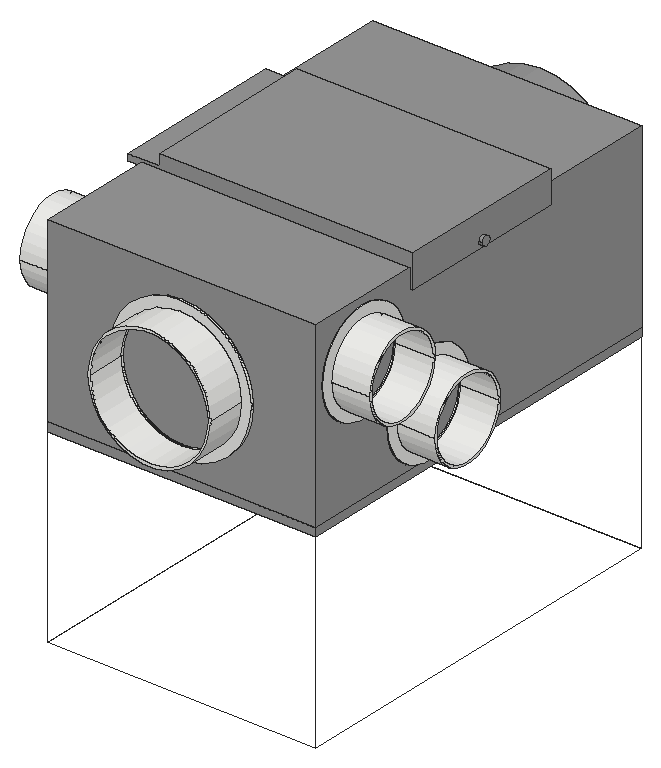
Revit family "OPUS-M", category Mechanical Equipment, Revit 2015
Parameters (values of type "OPUS100-2M")
  Width = 330 mm
  Weight = 11.00 kg
  Voltage = if(Electrical Phase = 3, 400 V, 230 V)  # 230 V
  Unit Description = "Inline Twin Extract Fan"
  Starting Current = 0.43 A
  Specific Fan Power at Design Duty [instance] = "0.0"
  Revit Family Last Revised = "30/10/18"  # constant formula
  Quote/Order Location Reference [instance] = ""
  OmniClass Title = "Centrifugal Fans"  # constant formula
  OmniClass Number = "23-33 31 19 13"  # constant formula
  Number of Connection Poles = 2
  Nuaire Quote/Order Reference [instance] = ""
  Nuaire Model Code = "OPUS100-2M"
  Nominal Motor Rating = 0.1 W
  Manufacturer Name = "Nuaire"  # constant formula
  Length = 500 mm
  Show Access Clearance [instance] = yes
  IFCExportAs = "IfcFanType"  # constant formula
  I&M Manual = "http://www.nuaire.info/iandm/nl/671218.pdf"
  Height = 233 mm
  Full Load Current = 0.39 A
  Extract Spigot 1 Airflow [instance] = 0.0 L/s
  Extract Spigot 2 Airflow [instance] = 0.0 L/s
  Extract Spigot 3 Airflow [instance] = 0.0 L/s
  Extract Spigot 4 Airflow [instance] = 0.0 L/s
  Extract Spigot 5 Airflow [instance] = 0.0 L/s
  Extract Spigot (Large) Diameter = 150 mm
  Extract Spigot (Small) Diameter = 75 mm
  Model Drawn by = "Michael Grote"  # constant formula
  Maximum Ambient Temperature = 55 °C
  Electrical Phase = 1
  Classification.Uniclass.Pr.Number = "Pr_65_67_29_89"
  Classification.Uniclass.Pr.Description = "Twin centrifugal fans"
  Catalogue Pages = "http://www.nuaire.info/catalog/nl/SupplyExtract-OpusPlus.pdf"
  Apparent Load = Voltage * Full Load Current  # 89.7 VA
  External Static Pressure [instance] = 0.0 Pa
  URL = "http://www.nuaire.co.uk"
  Warranty Period = "3 Years"
  Weatherproof or Internal Only = "Internal"
  Manufacturer = Manufacturer Name  # "Nuaire"
  Description = Unit Description  # "Inline Twin Extract Fan"
  Air Flow [instance] = Extract Spigot 1 Airflow + Extract Spigot 2 Airflow + Extract Spigot 3 Airflow + Extract Spigot 4 Airflow + Extract Spigot 5 Airflow  # 0.0 L/s
  Address = "Western Industrial Estate, Caerphilly, UK"  # constant formula
  Postcode = "CF83 1NA"  # constant formula
  Telephone Number = "+44(0)2920-858-200"  # constant formula
  Fax Number = "+44(0)2920-858-222"  # constant formula
  Email Address = "info@nuaire.co.uk"  # constant formula
  VAT Registration Number = "877308"  # constant formula
  Model = Nuaire Model Code  # "OPUS100-2M"
  Discharge Spigot Diameter = 200 mm
Types (3, lengths in mm): name | Weight | Unit Description | Starting Current | Nuaire Model Code | Nominal Motor Rating | Full Load Current | Classification.Uniclass.Pr.Number | Classification.Uniclass.Pr.Description | Apparent Load | Description | Model
  (no name) | 11.00 kg | "Inline Twin Extract Fan" | 0.43 A | "OPUS100-2M" | 0.1 W | 0.39 A | "Pr_65_67_29_89" | "Twin centrifugal fans" | 89.7 VA | "Inline Twin Extract Fan" | "OPUS100-2M"
  OPUS150-M | 12.00 kg | "Inline Single Extract Fan" | 0.86 A | "OPUS150-M" | 0.2 W | 0.78 A | "Pr_65_67_29_12" | "Centrifugal Fans" | 179.4 VA | "Inline Single Extract Fan" | "OPUS150-M"
  OPUS100-2M | 11.00 kg | "Inline Twin Extract Fan" | 0.43 A | "OPUS100-2M" | 0.1 W | 0.39 A | "Pr_65_67_29_89" | "Twin centrifugal fans" | 89.7 VA | "Inline Twin Extract Fan" | "OPUS100-2M"
Reference planes
  plane 1 "Center (Front/Back)": y = 0
  plane 2: z = 0
  plane 3 "Center (Left/Right)": x = 0
  plane 4: x = 165
  plane 5: x = -165
  plane 6: y = 250
  plane 7: y = -250
  plane 8: z = 233
  plane 9: z = 250
  plane 10: y = 300
  plane 11: y = -300
  plane 12: z = 116.5
Forms (mm)
  Extrusion 1, solid, material "Aluzinc"
    sketch origin (0, 0, 0) x (1, 0, 0) y (0, 1, 0)
      loop
        line (-165, 250) -> (-165, -250) -> (165, -250) -> (165, 250) -> (-165, 250)
    from 10 to 233
  Extrusion 2, solid, material "White Plastic"
    sketch origin (0, 0, 0) x (1, 0, 0) y (0, 0, 1)
      loop
        circle (0, 116.5) r 75
      loop
        circle (0, 116.5) r 72.5
    from 252.5 to 300
  Extrusion 3, solid, material "White Plastic"
    sketch origin (0, 0, 0) x (1, 0, 0) y (0, 0, 1)
      loop
        circle (0, 116.5) r 72.5
      loop
        circle (0, 116.5) r 87.5
    from 250 to 252.5
  Extrusion 4, solid, material "Aluzinc"
    sketch origin (0, 251.5, 0) x (1, 0, 0) y (0, 0, 1)
      loop
        circle (0, 116.5) r 106
      loop
        circle (0, 116.5) r 98.5
    from 0 to 1.5
  Extrusion 5, solid, material "Aluzinc"
    sketch origin (0, 0, 0) x (1, 0, 0) y (0, 0, 1)
      loop
        circle (0, 116.5) r 100
      loop
        circle (0, 116.5) r 98.5
    from -300 to -251.5
  Extrusion 6, solid, material "White Plastic"
    sketch origin (0, 0, 0) x (0, 1, 0) y (0, 0, 1)
      loop
        circle (-180, 163) r 50
      loop
        circle (-180, 163) r 47.5
    from 167.5 to 215
  Extrusion 7, solid, material "White Plastic"
    sketch origin (0, 0, 0) x (0, 1, 0) y (0, 0, 1)
      loop
        circle (-180, 163) r 47.5
      loop
        circle (-180, 163) r 62.5
    from 165 to 167.5
  Extrusion 8, solid, material "White Plastic"
    sketch origin (0, 100, -90) x (0, 1, 0) y (0, 0, 1)
      loop
        circle (-180, 163) r 50
      loop
        circle (-180, 163) r 47.5
    from 167.5 to 215
  Extrusion 9, solid, material "White Plastic"
    sketch origin (0, 100, -90) x (0, 1, 0) y (0, 0, 1)
      loop
        circle (-180, 163) r 47.5
      loop
        circle (-180, 163) r 62.5
    from 165 to 167.5
  Extrusion 10, solid, material "White Plastic"
    sketch origin (0, 0, 0) x (0, 1, 0) y (0, 0, -1)
      loop
        circle (-180, -163) r 50
      loop
        circle (-180, -163) r 47.5
    from 167.5 to 215
  Extrusion 11, solid, material "White Plastic"
    sketch origin (0, 0, 0) x (0, 1, 0) y (0, 0, -1)
      loop
        circle (-180, -163) r 47.5
      loop
        circle (-180, -163) r 62.5
    from 165 to 167.5
  Extrusion 12, solid, material "White Plastic"
    sketch origin (0, 100, -90) x (0, 1, 0) y (0, 0, -1)
      loop
        circle (-180, -163) r 50
      loop
        circle (-180, -163) r 47.5
    from 167.5 to 215
  Extrusion 13, solid, material "White Plastic"
    sketch origin (0, 100, -90) x (0, 1, 0) y (0, 0, -1)
      loop
        circle (-180, -163) r 47.5
      loop
        circle (-180, -163) r 62.5
    from 165 to 167.5
  Extrusion 14, solid, material "Aluzinc"
    sketch origin (0, 0, -50) x (1, 0, 0) y (0, 1, 0)
      loop
        line (-165, 250) -> (-165, -250) -> (165, -250) -> (165, 250) -> (-165, 250)
    from 50 to 60
  Extrusion 15, solid, material "Aluzinc"
    sketch origin (0, 0, 0) x (1, 0, 0) y (0, 0, 1)
      loop
        line (-165, 228.594) -> (-165, 233) -> (165, 233) -> (165, 210) -> (168.535, 210) -> (168.535, 250) -> (-143.022, 250) -> (-143.022, 236.806) -> (-182, 236.806) -> (-182, 228.594) -> (-165, 228.594)
    from -106.034 to 105.879
  Extrusion 16, solid, material "Aluzinc"
    sketch origin (0, 0, 0) x (0, 1, 0) y (0, 0, 1)
      loop
        circle (0, 219) r 5.423
    from 168.535 to 173.687
Dimensions and locks
  equal spacing: plane 5, plane 3 "Center (Left/Right)", plane 4
  "Width": plane 5 to plane 4
  equal spacing: plane 6, plane 1 "Center (Front/Back)", plane 7
  "Length": plane 6 to plane 7
  "Height": plane 8 to plane 2
  equal spacing: plane 8, plane 12, level
  aligned and locked: level to plane 2
  aligned and locked: plane 8 to Extrusion 1
Automatic sketch dimensions
  Extrusion 1 sketch curve to plane 5 = 0 mm
  Extrusion 1 sketch curve to plane 4 = 0 mm
  plane 7 to Extrusion 1 sketch curve = 0 mm
  Extrusion 1 sketch curve to plane 6 = 0 mm
  Extrusion 2 sketch curve to Extrusion 2 sketch curve = 0 mm  (x2)
  Extrusion 2 sketch curve to plane 3 "Center (Left/Right)" = 0 mm
  Extrusion 2 sketch curve to plane 12 = 0 mm
  Extrusion 3 sketch curve to Extrusion 3 sketch curve = 0 mm  (x2)
  Extrusion 3 sketch curve to plane 3 "Center (Left/Right)" = 0 mm
  Extrusion 3 sketch curve to plane 12 = 0 mm
  Extrusion 4 sketch curve to Extrusion 4 sketch curve = 0 mm  (x2)
  Extrusion 4 sketch curve to plane 3 "Center (Left/Right)" = 0 mm
  Extrusion 4 sketch curve to plane 12 = 0 mm
  Extrusion 5 sketch curve to Extrusion 5 sketch curve = 0 mm  (x2)
  Extrusion 5 sketch curve to plane 3 "Center (Left/Right)" = 0 mm
  Extrusion 5 sketch curve to plane 12 = 0 mm
  Extrusion 6 sketch curve to Extrusion 6 sketch curve = 0 mm  (x2)
  Extrusion 6 sketch curve to plane 7 = 70 mm
  plane 12 to Extrusion 6 sketch curve = 46.5 mm
  Extrusion 7 sketch curve to Extrusion 7 sketch curve = 0 mm  (x2)
  Extrusion 7 sketch curve to plane 7 = 70 mm
  plane 12 to Extrusion 7 sketch curve = 46.5 mm
  Extrusion 8 sketch curve to Extrusion 8 sketch curve = 0 mm  (x2)
  plane 1 "Center (Front/Back)" to Extrusion 8 sketch curve = 80 mm
  Extrusion 8 sketch curve to plane 12 = 43.5 mm
  Extrusion 9 sketch curve to Extrusion 9 sketch curve = 0 mm  (x2)
  plane 1 "Center (Front/Back)" to Extrusion 9 sketch curve = 80 mm
  Extrusion 9 sketch curve to plane 12 = 43.5 mm
  Extrusion 10 sketch curve to Extrusion 10 sketch curve = 0 mm  (x2)
  Extrusion 10 sketch curve to plane 7 = 70 mm
  plane 12 to Extrusion 10 sketch curve = 46.5 mm
  Extrusion 11 sketch curve to Extrusion 11 sketch curve = 0 mm  (x2)
  Extrusion 11 sketch curve to plane 7 = 70 mm
  plane 12 to Extrusion 11 sketch curve = 46.5 mm
  Extrusion 12 sketch curve to Extrusion 12 sketch curve = 0 mm  (x2)
  plane 1 "Center (Front/Back)" to Extrusion 12 sketch curve = 80 mm
  Extrusion 12 sketch curve to plane 12 = 43.5 mm
  Extrusion 13 sketch curve to Extrusion 13 sketch curve = 0 mm  (x2)
  plane 1 "Center (Front/Back)" to Extrusion 13 sketch curve = 80 mm
  Extrusion 13 sketch curve to plane 12 = 43.5 mm
  Extrusion 14 sketch curve to plane 5 = 0 mm
  Extrusion 14 sketch curve to plane 4 = 0 mm
  plane 7 to Extrusion 14 sketch curve = 0 mm
  Extrusion 14 sketch curve to plane 6 = 0 mm
  Extrusion 15 sketch curve to plane 9 = 0 mm
  Extrusion 15 sketch curve to plane 4 = 0 mm
  plane 5 to Extrusion 15 sketch curve = 0 mm
  Extrusion 15 sketch curve to plane 8 = 0 mm
  Extrusion 15 sketch curve to plane 5 = 21.978 mm
  plane 8 to Extrusion 15 sketch curve = 3.806 mm
  plane 5 to Extrusion 15 sketch curve = 17 mm
  plane 4 to Extrusion 15 sketch curve = 3.535 mm
  Extrusion 15 sketch curve to plane 8 = 4.406 mm
  Extrusion 15 sketch curve to Extrusion 15 sketch curve = 23 mm
  plane 1 "Center (Front/Back)" to Extrusion 16 sketch curve = 0 mm
  Extrusion 16 sketch curve to plane 8 = 14 mm
  radius of Extrusion 2 sketch curve = 75 mm
  radius of Extrusion 2 sketch curve = 72.5 mm
  radius of Extrusion 3 sketch curve = 72.5 mm
  radius of Extrusion 3 sketch curve = 87.5 mm
  radius of Extrusion 4 sketch curve = 106 mm
  radius of Extrusion 4 sketch curve = 98.5 mm
  radius of Extrusion 5 sketch curve = 100 mm
  radius of Extrusion 5 sketch curve = 98.5 mm
  radius of Extrusion 6 sketch curve = 50 mm
  radius of Extrusion 6 sketch curve = 47.5 mm
  radius of Extrusion 7 sketch curve = 47.5 mm
  radius of Extrusion 7 sketch curve = 62.5 mm
  radius of Extrusion 8 sketch curve = 50 mm
  radius of Extrusion 8 sketch curve = 47.5 mm
  radius of Extrusion 9 sketch curve = 47.5 mm
  radius of Extrusion 9 sketch curve = 62.5 mm
  radius of Extrusion 10 sketch curve = 50 mm
  radius of Extrusion 10 sketch curve = 47.5 mm
  radius of Extrusion 11 sketch curve = 47.5 mm
  radius of Extrusion 11 sketch curve = 62.5 mm
  radius of Extrusion 12 sketch curve = 50 mm
  radius of Extrusion 12 sketch curve = 47.5 mm
  radius of Extrusion 13 sketch curve = 47.5 mm
  radius of Extrusion 13 sketch curve = 62.5 mm
  radius of Extrusion 16 sketch curve = 5.423 mm
Nested families
  nested 1: "access_clearance" at (0, 0, 0) x (1, 0, 0) z (0, 0, -1), visible <- "Show Access Clearance", type "access_clearance"
    with Width 330 mm, Length 500 mm, Height 233 mm
  nested 2: "label_nuaire_logo" at (5, -175, 233) x (-1, 0, 0) z (0, 0, 1), type "label_nuaire_logo"
    with Scale Factor 452 mm, Actual Scale 158.2 mm
Connectors
  hvac at (0, -300, 116.5), driven by "Extract Spigot 1 Airflow"
    settings: on Extrusion 2, index 1, duct flow 0.0 L/s, flow factor 0, pres drop 0.0 Pa, loss coef 0, conn angle 0.00°, conn width 304.8 mm, conn height 304.8 mm, conn diameter 150 mm, duct sys type 3, conn prof type 0, flow config 0, flow direction 1, loss method 0, conn ref index -1, conn util no, is conn primary yes, conn desc "Intake 1"
  hvac at (-215, -180, 163), driven by "Extract Spigot 4 Airflow"
    settings: on Extrusion 10, index 2, duct flow 0.0 L/s, flow factor 0, pres drop 0.0 Pa, loss coef 0, conn angle 0.00°, conn width 304.8 mm, conn height 304.8 mm, conn diameter 100 mm, duct sys type 3, conn prof type 0, flow config 0, flow direction 1, loss method 0, conn ref index -1, conn util no, is conn primary no, conn desc "Intake 4"
  hvac at (-215, -80, 73), driven by "Extract Spigot 5 Airflow"
    settings: on Extrusion 12, index 3, duct flow 0.0 L/s, flow factor 0, pres drop 0.0 Pa, loss coef 0, conn angle 0.00°, conn width 304.8 mm, conn height 304.8 mm, conn diameter 100 mm, duct sys type 3, conn prof type 0, flow config 0, flow direction 1, loss method 0, conn ref index -1, conn util no, is conn primary no, conn desc "Intake 5"
  hvac at (215, -80, 73), driven by "Extract Spigot 3 Airflow"
    settings: on Extrusion 8, index 4, duct flow 0.0 L/s, flow factor 0, pres drop 0.0 Pa, loss coef 0, conn angle 0.00°, conn width 304.8 mm, conn height 304.8 mm, conn diameter 100 mm, duct sys type 3, conn prof type 0, flow config 0, flow direction 1, loss method 0, conn ref index -1, conn util no, is conn primary no, conn desc "Intake 3"
  hvac at (215, -180, 163), driven by "Extract Spigot 2 Airflow"
    settings: on Extrusion 6, index 5, duct flow 0.0 L/s, flow factor 0, pres drop 0.0 Pa, loss coef 0, conn angle 0.00°, conn width 304.8 mm, conn height 304.8 mm, conn diameter 100 mm, duct sys type 3, conn prof type 0, flow config 0, flow direction 1, loss method 0, conn ref index -1, conn util no, is conn primary no, conn desc "Intake 2"
  hvac at (0, 300, 116.5), driven by "Air Flow"
    settings: on Extrusion 5, index 6, duct flow 0.0 L/s, flow factor 0, pres drop 0.0 Pa, loss coef 0, conn angle 0.00°, conn width 304.8 mm, conn height 304.8 mm, conn diameter 200 mm, duct sys type 3, conn prof type 0, flow config 1, flow direction 2, loss method 0, conn ref index -1, conn util no, is conn primary no, conn desc "Discharge to Atmosphere"
  electrical at (-165, 85, 40), driven by "Voltage", driven by "Apparent Load", driven by "Number of Connection Poles"
    settings: on Extrusion 1, index 7, voltage 230 V, apparent load 89.7 VA, apparent load phase1 0 VA, apparent load phase2 0 VA, apparent load phase3 0 VA, power factor 1, load classification "Other", number of poles 2, system type 30, power factor state 1, is connector primary yes, connector utility no, sub classification motor no, connector description "Power Supply"
Definition of nested family "access_clearance"
  Parameters
    Width = 672 mm
    URL = "http://www.nuaire.co.uk"
    Manufacturer = Manufacturer Name  # "Nuaire Group"
    Length = 745 mm
    Height = 300 mm
    Description = "Fan"
    Manufacturer Name = "Nuaire Group"  # constant formula
    Address = "Western Industrial Estate, Caerphilly, UK"  # constant formula
    Postcode = "CF83 1NA"  # constant formula
    Telephone Number = "+44(0)2920-858-200"  # constant formula
    Fax Number = "+44(0)2920-858-222"  # constant formula
    Email Address = "info@nuaire.co.uk"  # constant formula
    VAT Registration Number = "877308"  # constant formula
    Model = "AVT"
  Reference planes
    plane 1 "Center (Front/Back)": y = 0
    plane 2: z = 0
    plane 3 "Center (Left/Right)": x = 0
    plane 4: x = 336
    plane 5: x = -336
    plane 6: y = 372.5
    plane 7: y = -372.5
    plane 8: z = 300
  Forms (mm)
    Extrusion 1, solid
      sketch origin (0, 0, 0) x (1, 0, 0) y (0, 1, 0)
        loop
          line (-336, 372.5) -> (-336, -372.5) -> (336, -372.5) -> (336, 372.5) -> (-336, 372.5)
      from 0 to 300
  Dimensions and locks
    equal spacing: plane 5, plane 3 "Center (Left/Right)", plane 4
    "Width": plane 5 to plane 4
    equal spacing: plane 6, plane 1 "Center (Front/Back)", plane 7
    "Length": plane 6 to plane 7
    "Height": plane 8 to plane 2
    aligned and locked: level to plane 2
    aligned and locked: Extrusion 1 sketch curve to plane 6
    aligned and locked: Extrusion 1 sketch curve to plane 5
    aligned and locked: Extrusion 1 sketch curve to plane 7
    aligned and locked: Extrusion 1 sketch curve to plane 4
    aligned and locked: plane 8 to Extrusion 1
Definition of nested family "label_nuaire_logo"
  Parameters
    Scale Factor [instance] = Scale * 452  # 452 mm
    Scale = 1 mm
    Actual Scale [instance] = Scale Factor * 0.35  # 158.2 mm
  Reference planes
    plane 1 "Center (Front/Back)": y = 0
    plane 2: z = 0
    plane 3 "Center (Left/Right)": x = 0
  Lines and regions (mm)
    reference lines
      curve 1: line (79.1, -32.13, 0) -> (79.1, 30, 0)
      curve 2: line (-79.1, -32.13, 0) -> (-79.1, 30, 0)
  Dimensions and locks
    equal spacing: curve 2, plane 3 "Center (Left/Right)", curve 1
    "Actual Scale": curve 2 to curve 1
    aligned and locked: level to plane 2
  Automatic sketch dimensions
    plane 1 "Center (Front/Back)" to curve 2 = 32.13 mm
    plane 1 "Center (Front/Back)" to curve 1 = 32.13 mm
    curve 2 to plane 1 "Center (Front/Back)" = 30 mm
    curve 1 to plane 1 "Center (Front/Back)" = 30 mm
  Nested families
    nested 1: "logo_stage2" at (10, 0, 0), type "logo_stage2"
  Definition of nested family "logo_stage2"
    Parameters
      Height = 452 mm
    Reference planes
      plane 1 "Center (Front/Back)": y = 0
      plane 2: z = 0
      plane 3 "Center (Left/Right)": x = 0
    Dimensions and locks
      aligned and locked: level to plane 2
    Nested families
      nested 1: "logo_stage1" at (0, 0, 0), type "logo_stage1"
    Definition of nested family "logo_stage1"
      Parameters
        Height = 1300 mm
      Reference planes
        plane 1 "Center (Front/Back)": y = 0
        plane 2: z = 0
        plane 3 "Center (Left/Right)": x = 0
      Lines and regions (mm)
        model lines
          curve 1: arc (7.927, 29.489, 0) -> (-47.363, 58.16, 0) -> (-106.604, 77.382, 0) r 378.77
          curve 2: arc (-106.604, 77.382, 0) -> (-163.216, 86.224, 0) -> (-220.277, 81.007, 0) r 233.393
          curve 3: arc (-246.965, 20.991, 0) -> (-215.043, -15.792, 0) -> (-174.42, -42.657, 0) r 179.785
          curve 4: arc (-174.42, -42.657, 0) -> (-107.072, -70.342, 0) -> (-36.955, -89.99, 0) r 623.693
          curve 5: arc (-36.955, -89.99, 0) -> (-105.996, -69.023, 0) -> (-170.812, -37.319, 0) r 451.207
          curve 6: arc (-170.812, -37.319, 0) -> (-200.304, -16.562, 0) -> (-226.197, 8.542, 0) r 230.474
          curve 7: arc (-206.815, 72.232, 0) -> (-163.659, 78.527, 0) -> (-120.226, 74.571, 0) r 185.468
          curve 8: arc (-120.226, 74.571, 0) -> (-54.126, 57.782, 0) -> (7.927, 29.489, 0) r 381.393
          curve 9: line (-161.219, -24.259, 0) -> (-141.514, -24.259, 0)
          curve 10: line (-141.514, -24.259, 0) -> (-136.798, 0, 0)
          curve 11: arc (-136.798, 0, 0) -> (-133.437, 8.115, 0) -> (-125.322, 11.477, 0) r 11.477
          curve 12: arc (-125.322, 11.477, 0) -> (-118.479, 7.762, 0) -> (-117.869, 0, 0) r 8.158
          curve 13: line (-117.869, 0, 0) -> (-122.146, -24.259, 0)
          curve 14: line (-122.146, -24.259, 0) -> (-102.441, -24.259, 0)
          curve 15: line (-102.441, -24.259, 0) -> (-97.309, 4.849, 0)
          curve 16: arc (-97.309, 4.849, 0) -> (-99.379, 18.095, 0) -> (-110.885, 24.977, 0) r 15.794
          curve 17: arc (-110.885, 24.977, 0) -> (-122.995, 23.787, 0) -> (-133.701, 18.002, 0) r 30.821
          curve 18: line (-133.701, 18.002, 0) -> (-132.598, 24.255, 0)
          curve 19: line (-161.219, -24.259, 0) -> (-152.664, 24.255, 0)
          curve 20: line (-152.664, 24.255, 0) -> (-132.598, 24.255, 0)
          curve 21: line (-80.79, 24.255, 0) -> (-86.175, -3.448, 0)
          curve 22: arc (-86.175, -3.448, 0) -> (-83.467, -16.761, 0) -> (-72.138, -24.259, 0) r 17.751
          curve 23: arc (-72.138, -24.259, 0) -> (-59.938, -25.434, 0) -> (-47.739, -24.259, 0) r 63.934
          curve 24: arc (-47.739, -24.259, 0) -> (-34.611, -17.57, 0) -> (-27.023, -4.941, 0) r 26.727
          curve 25: line (-27.023, -4.941, 0) -> (-21.348, 24.255, 0)
          curve 26: line (-21.348, 24.255, 0) -> (-41.053, 24.255, 0)
          curve 27: line (-41.053, 24.255, 0) -> (-46.093, -1.676, 0)
          curve 28: arc (-46.093, -1.676, 0) -> (-50.186, -8.91, 0) -> (-57.808, -12.224, 0) r 13.097
          curve 29: arc (-57.808, -12.224, 0) -> (-64.693, -9.158, 0) -> (-65.742, -1.695, 0) r 7.773
          curve 30: line (-65.742, -1.695, 0) -> (-61.166, 24.255, 0)
          curve 31: line (-61.166, 24.255, 0) -> (-80.79, 24.255, 0)
          curve 32: arc (31.54, 19.236, 0) -> (16.208, 25.528, 0) -> (0, 22.075, 0) r 28.07
          curve 33: arc (0, 22.075, 0) -> (-10.88, 12.774, 0) -> (-17.338, 0, 0) r 36.434
          curve 34: arc (-17.338, 0, 0) -> (-15.613, -14.796, 0) -> (-4.047, -24.183, 0) r 19.761
          curve 35: arc (-4.047, -24.183, 0) -> (10.741, -24.948, 0) -> (24.166, -18.699, 0) r 30.688
          curve 36: line (24.166, -18.699, 0) -> (23.117, -24.098, 0)
          curve 37: line (23.117, -24.098, 0) -> (43.271, -24.098, 0)
          curve 38: line (43.271, -24.098, 0) -> (51.797, 24.255, 0)
          curve 39: line (51.797, 24.255, 0) -> (32.515, 24.255, 0)
          curve 40: line (32.515, 24.255, 0) -> (31.54, 19.236, 0)
          curve 41: arc (27.176, -3.213, 0) -> (27.314, 5.536, 0) -> (19.984, 10.314, 0) r 9.053
          curve 42: arc (19.984, 10.314, 0) -> (10.965, 8.578, 0) -> (4.044, 2.54, 0) r 17.627
          curve 43: arc (4.044, 2.54, 0) -> (3.437, -5.353, 0) -> (9.873, -9.961, 0) r 8.063
          curve 44: arc (9.873, -9.961, 0) -> (19.716, -9.642, 0) -> (27.176, -3.213, 0) r 14.789
          curve 45: line (64.987, 24.255, 0) -> (85.001, 24.255, 0)
          curve 46: line (85.001, 24.255, 0) -> (76.475, -24.098, 0)
          curve 47: line (76.475, -24.098, 0) -> (56.461, -24.098, 0)
          curve 48: line (56.461, -24.098, 0) -> (64.987, 24.255, 0)
          curve 49: line (97.733, 24.255, 0) -> (117.438, 24.255, 0)
          curve 50: line (117.438, 24.255, 0) -> (116.079, 16.546, 0)
          curve 51: arc (116.079, 16.546, 0) -> (127.306, 23.283, 0) -> (140.3, 24.886, 0) r 31.571
          curve 52: line (140.3, 24.886, 0) -> (137.316, 7.965, 0)
          curve 53: arc (137.316, 7.965, 0) -> (129.144, 9.507, 0) -> (120.972, 7.965, 0) r 22.429
          curve 54: arc (120.972, 7.965, 0) -> (114.704, 2.976, 0) -> (112.337, -4.677, 0) r 13.585
          curve 55: line (112.337, -4.677, 0) -> (108.912, -24.098, 0)
          curve 56: line (108.912, -24.098, 0) -> (89.207, -24.098, 0)
          curve 57: line (89.207, -24.098, 0) -> (97.733, 24.255, 0)
          curve 58: arc (93.618, 47.57, 0) -> (74.854, 53.038, 0) -> (55.359, 51.64, 0) r 55.33
          curve 59: arc (93.618, 47.57, 0) -> (97.282, 41.659, 0) -> (93.618, 35.747, 0) r 6.601
          curve 60: arc (93.618, 35.747, 0) -> (84.065, 32.23, 0) -> (73.978, 30.85, 0) r 47.065
          curve 61: arc (73.978, 30.85, 0) -> (80.846, 32.41, 0) -> (86.601, 36.47, 0) r 18.116
          curve 62: arc (86.601, 36.47, 0) -> (88.036, 41.905, 0) -> (84.218, 46.03, 0) r 5.836
          curve 63: arc (84.218, 46.03, 0) -> (70.224, 51.08, 0) -> (55.359, 51.64, 0) r 48.391
          curve 64: line (157.905, -2.864, 0) -> (199.286, -2.864, 0)
          curve 65: arc (199.286, -2.864, 0) -> (197.145, 14.652, 0) -> (182.34, 24.255, 0) r 20.852
          curve 66: arc (182.34, 24.255, 0) -> (165.366, 23.801, 0) -> (149.457, 17.863, 0) r 51.614
          curve 67: arc (149.457, 17.863, 0) -> (140.348, 5.451, 0) -> (139.348, -9.912, 0) r 27.469
          curve 68: arc (139.348, -9.912, 0) -> (144.958, -19.523, 0) -> (155.103, -24.098, 0) r 18.276
          curve 69: arc (155.103, -24.098, 0) -> (178.591, -23.478, 0) -> (196.981, -8.856, 0) r 37.046
          curve 70: line (196.981, -8.856, 0) -> (178.291, -8.856, 0)
          curve 71: arc (178.291, -8.856, 0) -> (168.439, -13.819, 0) -> (158.586, -8.856, 0) r 12.261
          curve 72: arc (158.586, -8.856, 0) -> (157.442, -5.951, 0) -> (157.905, -2.864, 0) r 6.023
          curve 73: line (199.286, -2.864, 0) -> (157.905, -2.864, 0)
          curve 74: line (159.772, 7.114, 0) -> (183.418, 7.114, 0)
          curve 75: arc (183.418, 7.114, 0) -> (171.595, 14.487, 0) -> (159.772, 7.114, 0) r 13.165
          curve 76: arc (-206.815, 72.232, 0) -> (-234.166, 45.761, 0) -> (-226.197, 8.542, 0) r 39.242
          curve 77: arc (-220.277, 81.007, 0) -> (-248.829, 57.762, 0) -> (-246.965, 20.991, 0) r 40.723
      Dimensions and locks
        aligned and locked: level to plane 2
